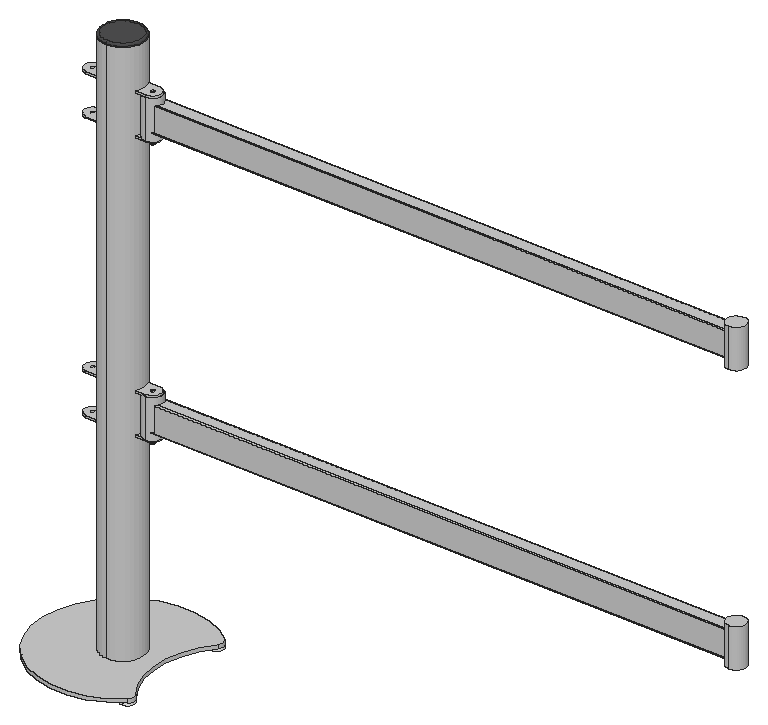
Revit family "PQR-441-ADD", category Furniture, Revit 2021
Family settings
  OmniClass Number = 23.40.20.00
  OmniClass Title = General Furniture and Specialties
  Work Plane-Based = No
  Always vertical = Yes
  Cut with Voids When Loaded = No
  Shared = No
  Room Calculation Point = No
Parameters
  W = 48.00"
  Frame [instance] = CEN_Frame_Metallic Silver Powdercoat (MS)
  Model = "PQR-441-ADD"
  End pieces on/off [instance] = no
  Default Elevation = 0.00"
Reference planes (in)
  plane 1 "Center Front/Back": y = 0
  plane 2: z = 0
  plane 3 "Center Left/Right": x = 0
  plane 4: x = -24
  plane 5: x = 24
  plane 6: x = -17.5
  plane 7: x = 17.5
  plane 8: x = 21.76551
  plane 9: x = -21.5
Forms (in)
  Extrusion 1, solid, material "CEN_Frame_Metallic Silver Powdercoat (MS)" <- "Frame"
    sketch origin (-23.29168, 0.50272, 36.0271) x (0, -1, 0) y (0, 0, 1)
      loop
        line (1, 0) -> (1, 1.78554)
        arc (1, 1.78554) -> (0.98091, 1.83163) -> (0.93482, 1.85072) r 0.06518
        line (0.93482, 1.85072) -> (0.06518, 1.85072)
        arc (0.06518, 1.85072) -> (0.01909, 1.83163) -> (0, 1.78554) r 0.06518
        line (0, 1.78554) -> (0, 0)
        arc (0, 0) -> (0.01909, -0.04609) -> (0.06518, -0.06518) r 0.06518
        line (0.06518, -0.06518) -> (0.93482, -0.06518)
        arc (0.93482, -0.06518) -> (0.98091, -0.04609) -> (1, 0) r 0.06518
      loop
        line (1, -20.08373) -> (1, -18.21446)
        arc (1, -18.21446) -> (0.98091, -18.16837) -> (0.93482, -18.14928) r 0.06518
        line (0.93482, -18.14928) -> (0.06518, -18.14928)
        arc (0.06518, -18.14928) -> (0.01909, -18.16837) -> (0, -18.21446) r 0.06518
        line (0, -18.21446) -> (0, -20.08373)
        arc (0, -20.08373) -> (0.01909, -20.12982) -> (0.06518, -20.14891) r 0.06518
        line (0.06518, -20.14891) -> (0.93482, -20.14891)
        arc (0.93482, -20.14891) -> (0.98091, -20.12982) -> (1, -20.08373) r 0.06518
    from -1.79168 to -45.05719
  Extrusion 2, solid, material "CEN_Frame_Metallic Silver Powdercoat (MS)" <- "Frame"
    sketch origin (23.29168, 0.43754, 37.87782) x (0, 1, 0) y (-1, 0, 0)
      loop
        circle (-0.43585, 1.52616) r 0.6875
    from -2.41438 to 0.44176
  Extrusion 3, solid, material "CEN_Frame_Metallic Silver Powdercoat (MS)" <- "Frame"
    sketch origin (23.29168, 0.43754, 37.87782) x (0, 1, 0) y (-1, 0, 0)
      loop
        circle (-0.43585, 1.52616) r 0.6875
    from -22.417 to -19.56085
Dimensions and locks (in)
  equal spacing: plane 4, plane 3 "Center Left/Right", plane 5
  "W": plane 4 to plane 5
  locked: plane 7 to plane 5 at 6.5
  locked: plane 6 to plane 4 at 6.5
  plane 4 to plane 9 = 2.50"
  locked: plane 8 to plane 5 at 2.23449
  aligned and locked: level to plane 2
  aligned and locked: plane 4 to nested 1
  aligned and locked: plane 8 to Extrusion 2
  aligned and locked: plane 8 to Extrusion 1
  aligned and locked: Extrusion 1 to plane 9
Automatic sketch dimensions
  Extrusion 1 sketch curve to plane 1 "Center Front/Back" = 0.50272"  (x2)
  Extrusion 1 sketch curve to Extrusion 1 sketch curve = 0.06518"  (x6)
  plane 1 "Center Front/Back" to Extrusion 1 sketch curve = 0.43209"  (x4)
  level to Extrusion 1 sketch curve = 15.87818"
  Extrusion 1 sketch curve to Extrusion 1 sketch curve = 1.86927"
  Extrusion 1 sketch curve to Extrusion 1 sketch curve = 18.08409"
  Extrusion 1 sketch curve to Extrusion 1 sketch curve = 1.78554"
  Extrusion 2 sketch curve to Extrusion 2 sketch curve = 0.00"  (x2)
  Extrusion 2 sketch curve to plane 1 "Center Front/Back" = 0.00169"
  plane 5 to Extrusion 2 sketch curve = 2.23449"
  plane 1 "Center Front/Back" to Extrusion 2 sketch curve = 0.68581"
  Extrusion 3 sketch curve to Extrusion 3 sketch curve = 0.00"  (x2)
  Extrusion 3 sketch curve to plane 1 "Center Front/Back" = 0.00169"
  plane 5 to Extrusion 3 sketch curve = 2.23449"
  plane 1 "Center Front/Back" to Extrusion 3 sketch curve = 0.68581"
Nested families (in)
  nested 1: "PQR-341-post " at (-24, 0, 0) x (0, 1, 0) z (0, 0, 1), END KIT <- "End pieces on/off", type "NOT END KIT"
Definition of nested family "PQR-341-post "
  Parameters (values of type "PQR-341-post ")
    plastic button = none
    Post = none
    END KIT [instance] = no
    Default Elevation = 0.00"
  Types (2): name
    PQR-341-post
    NOT END KIT
  Reference planes (in)
    plane 1 "Center Front/Back": y = 0
    plane 2: z = 0
    plane 3 "Center Left/Right": x = 0
    plane 4: z = 41.62154
    plane 5: z = 41.43404
    plane 6: z = 38.43918
    plane 7: z = 35.46343
    plane 8: z = 38.31958
    plane 9: z = 35.34626
    plane 10: z = 35.0779
    plane 11: z = 34.93741
    plane 12: z = 18.43657
    plane 13: z = 18.31697
    plane 14: z = 38.28685
    plane 15: z = 15.46357
    plane 16: z = 37.79482
    plane 17: z = 17.87782
    plane 18: z = 15.87818
  Forms (in)
    Extrusion 1, solid, material <- "Post"
      sketch origin (-0.02853, -0.08679, 0) x (1, 0, 0) y (0, 1, 0)
        loop
          arc (-3.79412, 4.14027) -> (-4.14981, 4.24664) -> (-4.48079, 4.07846) r 0.5
          arc (-4.48079, 4.07846) -> (0.03357, -5.88186) -> (4.53637, 4.0837) r 6.00161
          arc (4.53637, 4.0837) -> (4.20519, 4.25149) -> (3.84963, 4.14471) r 0.5
          arc (3.84963, 4.14471) -> (0.02853, 2.80874) -> (-3.79412, 4.14027) r 6.14269
      from 0.18657 to 0.43657
    Extrusion 2, solid, material <- "plastic button"
      sketch origin (0, 0, 0) x (1, 0, 0) y (0, 1, 0)
        loop
          circle (0, 0) r 1.5
      from 41.43404 to 41.62154
    Extrusion 3, solid, material <- "Post", visible <- "END KIT"
      sketch origin (0, 0, 0) x (1, 0, 0) y (0, 1, 0)
        loop
          circle (0.00169, -2.23449) r 0.6875
      from 35.46343 to 38.31958
    Extrusion 4, solid, material <- "Post"
      sketch origin (0, 0, 0) x (1, 0, 0) y (0, 1, 0)
        loop
          circle (0.00169, 2.23449) r 0.11265
        loop
          circle (0.00169, -2.23449) r 0.11265
        loop
          line (0.61497, -2.23449) -> (0.61497, 2.23449)
          arc (0.61497, 2.23449) -> (0.00169, 2.84777) -> (-0.61159, 2.23449) r 0.61328
          line (-0.61159, 2.23449) -> (-0.61159, -2.23449)
          arc (-0.61159, -2.23449) -> (0.00169, -2.84777) -> (0.61497, -2.23449) r 0.61328
      from 38.31958 to 38.43918
    Extrusion 5, solid, material <- "Post"
      sketch origin (0, 0, 0) x (1, 0, 0) y (0, 1, 0)
        loop
          circle (0.00169, 2.23449) r 0.11265
        loop
          circle (0.00169, -2.23449) r 0.11265
        loop
          line (0.61497, -2.23449) -> (0.61497, 2.23449)
          arc (0.61497, 2.23449) -> (0.00169, 2.84777) -> (-0.61159, 2.23449) r 0.61328
          line (-0.61159, 2.23449) -> (-0.61159, -2.23449)
          arc (-0.61159, -2.23449) -> (0.00169, -2.84777) -> (0.61497, -2.23449) r 0.61328
      from 35.34626 to 35.46343
    Extrusion 6, solid, material <- "Post"
      sketch origin (0, 0, 0) x (1, 0, 0) y (0, 1, 0)
        loop
          line (0.06349, 1.95369) -> (0.27562, 2.14947) -> (0.21213, 2.43108) -> (-0.06349, 2.5169) -> (-0.27562, 2.32111) -> (-0.21213, 2.0395) -> (0.06349, 1.95369)
        loop
          circle (0.00169, 2.23449) r 0.11265
      from 35.0779 to 35.34626
    Extrusion 7, solid, material <- "Post", visible <- "END KIT"
      sketch origin (0, 0, 0) x (1, 0, 0) y (0, 1, 0)
        loop
          circle (0.00169, -2.23449) r 0.11265
      from 34.93741 to 38.43918
    Sweep 8, void
      path in 3D
        loop
          arc (1.5, 0, 41.62154) -> (0, -1.5, 41.62154) -> (-1.5, 0, 41.62154) r 1.5
          arc (-1.5, 0, 41.62154) -> (0, 1.5, 41.62154) -> (1.5, 0, 41.62154) r 1.5
      profile origin (0, 1.5, 41.62154) x (0, 1, 0) y (0, 0, 1)
        loop
          line (0, -0.12486) -> (0.05983, -0.12486) -> (0.05983, 0) -> (-0.12486, 0)
          arc (-0.12486, 0) -> (-0.03657, -0.03657) -> (0, -0.12486) r 0.12486
    Extrusion 9, solid, material <- "Post"
      sketch origin (0, 0, 0) x (1, 0, 0) y (0, 1, 0)
        loop
          circle (0.00169, 2.23449) r 0.11265
      from 34.93741 to 38.43918
    Extrusion 10, solid, material <- "Post"
      sketch origin (0, 0, -20) x (1, 0, 0) y (0, 1, 0)
        loop
          circle (0.00169, 2.23449) r 0.11265
        loop
          circle (0.00169, -2.23449) r 0.11265
        loop
          line (0.61497, -2.23449) -> (0.61497, 2.23449)
          arc (0.61497, 2.23449) -> (0.00169, 2.84777) -> (-0.61159, 2.23449) r 0.61328
          line (-0.61159, 2.23449) -> (-0.61159, -2.23449)
          arc (-0.61159, -2.23449) -> (0.00169, -2.84777) -> (0.61497, -2.23449) r 0.61328
      from 38.31697 to 38.43657
    Extrusion 11, solid, material <- "Post"
      sketch origin (0, 0, -20) x (1, 0, 0) y (0, 1, 0)
        loop
          circle (0.00169, 2.23449) r 0.11265
        loop
          circle (0.00169, -2.23449) r 0.11265
        loop
          line (0.61497, -2.23449) -> (0.61497, 2.23449)
          arc (0.61497, 2.23449) -> (0.00169, 2.84777) -> (-0.61159, 2.23449) r 0.61328
          line (-0.61159, 2.23449) -> (-0.61159, -2.23449)
          arc (-0.61159, -2.23449) -> (0.00169, -2.84777) -> (0.61497, -2.23449) r 0.61328
      from 35.34365 to 35.46082
    Extrusion 12, solid, material <- "Post", visible <- "END KIT"
      sketch origin (0, 0, -20) x (1, 0, 0) y (0, 1, 0)
        loop
          circle (0.00169, -2.23449) r 0.11265
      from 34.9348 to 38.43657
    Extrusion 13, solid, material <- "Post"
      sketch origin (0, 0, -20) x (1, 0, 0) y (0, 1, 0)
        loop
          circle (0.00169, 2.23449) r 0.11265
      from 34.9348 to 38.43657
    Extrusion 14, solid
      sketch origin (-0.02853, -0.08679, 0) x (1, 0, 0) y (0, 1, 0)
        loop
          circle (-4.10805, 3.76384) r 0.48854
        loop
          circle (4.16511, 3.76384) r 0.48854
        loop
          circle (-3.62282, -3.98401) r 0.48854
        loop
          circle (3.67988, -3.98401) r 0.48854
      from 0 to 0.18657
    Extrusion 15, solid, material <- "Post"
      sketch origin (0, 0, 0) x (1, 0, 0) y (0, 1, 0)
        loop
          circle (0, 0) r 1.5
      from 0.43657 to 41.43404
    Extrusion 16, solid, material <- "Post", visible <- "END KIT"
      sketch origin (0, 0, 0) x (1, 0, 0) y (0, 1, 0)
        loop
          line (0.44955, -5.29168) -> (-0.44411, -5.29168)
          arc (-0.44411, -5.29168) -> (-0.4817, -5.30725) -> (-0.49728, -5.34485) r 0.05317
          line (-0.49728, -5.34485) -> (-0.49728, -7.23851)
          arc (-0.49728, -7.23851) -> (-0.4817, -7.27611) -> (-0.44411, -7.29168) r 0.05317
          line (-0.44411, -7.29168) -> (0.44955, -7.29168)
          arc (0.44955, -7.29168) -> (0.48715, -7.27611) -> (0.50272, -7.23851) r 0.05317
          line (0.50272, -7.23851) -> (0.50272, -5.34485)
          arc (0.50272, -5.34485) -> (0.48715, -5.30725) -> (0.44955, -5.29168) r 0.05317
      from 15.46357 to 38.28685
    Extrusion 17, solid, material <- "Post", visible <- "END KIT"
      sketch origin (0, 0, 0) x (1, 0, 0) y (0, 0, 1)
        loop
          line (-0.43209, 35.96191) -> (0.43754, 35.96191)
          arc (0.43754, 35.96191) -> (0.48363, 35.981) -> (0.50272, 36.0271) r 0.06518
          line (0.50272, 36.0271) -> (0.50272, 37.81264)
          arc (0.50272, 37.81264) -> (0.48363, 37.85873) -> (0.43754, 37.87782) r 0.06518
          line (0.43754, 37.87782) -> (-0.43209, 37.87782)
          arc (-0.43209, 37.87782) -> (-0.47818, 37.85873) -> (-0.49728, 37.81264) r 0.06518
          line (-0.49728, 37.81264) -> (-0.49728, 36.0271)
          arc (-0.49728, 36.0271) -> (-0.47818, 35.981) -> (-0.43209, 35.96191) r 0.06518
        loop
          line (-0.43209, 15.87818) -> (0.43754, 15.87818)
          arc (0.43754, 15.87818) -> (0.48363, 15.89727) -> (0.50272, 15.94336) r 0.06518
          line (0.50272, 15.94336) -> (0.50272, 17.81264)
          arc (0.50272, 17.81264) -> (0.48363, 17.85873) -> (0.43754, 17.87782) r 0.06518
          line (0.43754, 17.87782) -> (-0.43209, 17.87782)
          arc (-0.43209, 17.87782) -> (-0.47818, 17.85873) -> (-0.49728, 17.81264) r 0.06518
          line (-0.49728, 17.81264) -> (-0.49728, 15.94336)
          arc (-0.49728, 15.94336) -> (-0.47818, 15.89727) -> (-0.43209, 15.87818) r 0.06518
      from 2.63684 to 5.29168
    Extrusion 18, solid, material <- "Post"
      sketch origin (0, 0, 0) x (1, 0, 0) y (0, 1, 0)
        loop
          circle (0.00169, 2.23449) r 0.6875
      from 35.46343 to 38.31958
    Extrusion 19, solid, material <- "Post"
      sketch origin (0, 0, -20) x (1, 0, 0) y (0, 1, 0)
        loop
          circle (0.00169, 2.23449) r 0.6875
      from 35.46082 to 38.31697
    Extrusion 20, solid, material <- "Post", visible <- "END KIT"
      sketch origin (0, 0, -20) x (1, 0, 0) y (0, 1, 0)
        loop
          circle (0.00169, -2.23449) r 0.6875
      from 35.46082 to 38.31697
    Extrusion 21, solid, material <- "Post", visible <- "END KIT"
      sketch origin (0, 0, 0) x (1, 0, 0) y (0, 1, 0)
        loop
          line (0.06349, -1.95369) -> (-0.21213, -2.0395) -> (-0.27562, -2.32111) -> (-0.06349, -2.5169) -> (0.21213, -2.43108) -> (0.27562, -2.14947) -> (0.06349, -1.95369)
        loop
          circle (0.00169, -2.23449) r 0.11265
      from 35.0779 to 35.34626
    Extrusion 22, solid, material <- "Post"
      sketch origin (0, 0, -20.00261) x (1, 0, 0) y (0, 1, 0)
        loop
          line (0.06349, 1.95369) -> (0.27562, 2.14947) -> (0.21213, 2.43108) -> (-0.06349, 2.5169) -> (-0.27562, 2.32111) -> (-0.21213, 2.0395) -> (0.06349, 1.95369)
        loop
          circle (0.00169, 2.23449) r 0.11265
      from 35.0779 to 35.34626
    Extrusion 23, solid, material <- "Post", visible <- "END KIT"
      sketch origin (0, 0, -20.00261) x (1, 0, 0) y (0, 1, 0)
        loop
          line (0.06349, -1.95369) -> (-0.21213, -2.0395) -> (-0.27562, -2.32111) -> (-0.06349, -2.5169) -> (0.21213, -2.43108) -> (0.27562, -2.14947) -> (0.06349, -1.95369)
        loop
          circle (0.00169, -2.23449) r 0.11265
      from 35.0779 to 35.34626
  Cuts and joins
    Sweep 8 cuts Extrusion 2
    joined: Extrusion 3, Extrusion 17
  Lines and regions (in)
    sketch lines
      curve 1: arc (-1.5, 0, 41.62154) -> (0, 1.5, 41.62154) -> (1.5, 0, 41.62154) r 1.5
      curve 2: arc (1.5, 0, 41.62154) -> (0, -1.5, 41.62154) -> (-1.5, 0, 41.62154) r 1.5
  Dimensions and locks (in)
    plane 4 to level = 41.62154"
    locked: plane 4 to plane 5 at 0.1875
    plane 11 to plane 10 to plane 9 to plane 7 to plane 8 to plane 6 = 0.14049" locked, 0.26836" locked, 0.11717" locked, 2.85615" locked, 0.1196" locked
    locked: plane 7 to plane 4 at 6.15811
    locked: plane 14 to plane 15 at 22.82328
    locked: plane 14 to plane 6 at 0.15234
    aligned and locked: level to plane 2
    aligned and locked: plane 4 to Extrusion 2
    aligned and locked: Extrusion 14 to level
    aligned and locked: plane 5 to cut or joined group of Extrusion 2, Sweep 8
    aligned and locked: Extrusion 15 to plane 5
    aligned and locked: plane 5 to Extrusion 15
    aligned and locked: plane 6 to Extrusion 4
    aligned and locked: plane 7 to Extrusion 3  (x2)
    aligned and locked: plane 8 to Extrusion 3
    aligned and locked: plane 11 to Extrusion 7  (x2)
    aligned and locked: plane 11 to Extrusion 9
    aligned and locked: plane 10 to Extrusion 6
    aligned and locked: Extrusion 6 to plane 10
    aligned and locked: plane 9 to Extrusion 5
    aligned and locked: Extrusion 6 to plane 9
    aligned and locked: Extrusion 5 to plane 9  (x2)
    aligned and locked: Extrusion 5 to plane 7
    aligned and locked: plane 7 to Extrusion 5
    aligned and locked: plane 8 to Extrusion 4
    aligned and locked: Extrusion 4 to Extrusion 9
    aligned and locked: Extrusion 7 to plane 6
    aligned and locked: plane 12 to Extrusion 10
    aligned and locked: plane 14 to Extrusion 16
    aligned and locked: plane 15 to Extrusion 16
